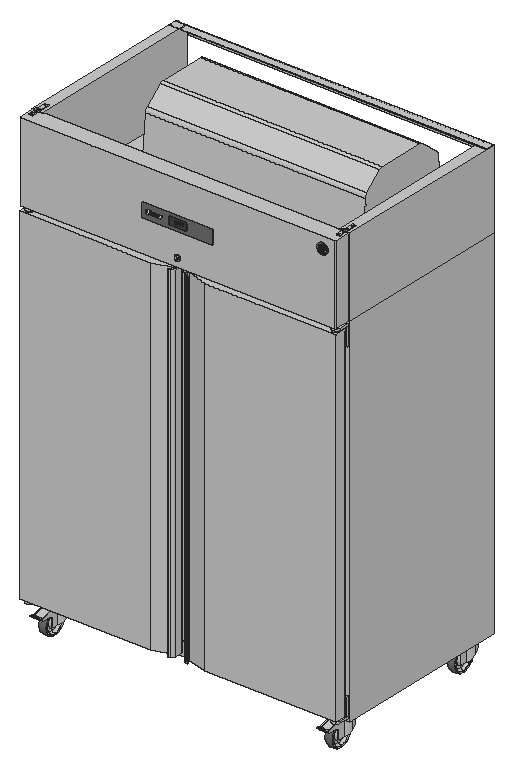
Revit family "QF_HOSHIZAKI_123142070", category Specialty Equipment, Revit 2016
Family settings
  Part Type = Normal
  Round Connector Dimension = Use Diameter
  OmniClass Number = 23.40.40.14
  OmniClass Title = Food Service Equipment
  Work Plane-Based = No
  Always vertical = Yes
  Cut with Voids When Loaded = No
  Shared = No
  Room Calculation Point = No
Parameters (values of type "123142070_230V/1Ph/50Hz")
  Weight = 183.00 kg
  Volts = 230 V
  URL Cutsheet = ""
  URL = "www.hoshizaki-europe.com"
  Status [instance] = ""
  Specification by User [instance] = ""
  Specification by Manufacturer [instance] = ""
  Serial Number = ""
  Seismic Rating = ""
  SMACNA No = ""
  Revision Code [instance] = ""
  Phase = 1
  Number of Poles = 2
  NAFEM Spec ID Number = ""
  Model = "ADVANCE F 140-3 C"
  Min Ckt Ampacity = 0 A
  Max Overcurrent Protection = 0 A
  Masterspec = ""
  Manufacturer = "HOSHIZAKI"
  Length Actual = 1344 mm
  Item Number [instance] = ""
  Installed By [instance] = ""
  Identify Quantity as Lot [instance] = no
  Height Actual = 2000 mm
  HP power = ""
  Furnished By [instance] = ""
  Foodservice Equipment Identifier [instance] = yes
  FL Amps = 46.08 A
  Electric power = 10600 W
  Electric Connection Type [instance] = ""
  Elec Conn RI Height [instance] = 0 mm
  Elec Conn Connection Height [instance] = 1550 mm
  Description = "ADVANCE DOUBLE DOOR FREEZER, 2/1 DEEP, AISI304 STAINLESS STEEL EXTERIOR AND INTERIOR, HC NATURAL REFRIGERANT, CASTORS"
  Depth Actual = 830 mm
  Cycle = 50 Hz
  Cost = 0
  Conn Plug = ""
  Conn Conduit = no
  CSI MasterFormat = ""
  Assembly Code = "E1090320"
  Apparent Power = 10600 VA
  Accessory = no
Reference planes
  plane 1 "Center (Front/Back)": y = 0
  plane 2: z = 0
  plane 3 "Center (Left/Right)": x = 0
Forms (mm)
  Extrusion 1, solid, not visible
    sketch origin (1314, -2, 1674) x (1, 0, 0) y (0, 1, 0)
      loop
        line (0, 0) -> (2, 0) -> (2, 2) -> (0, 2) -> (0, 0)
    from 0 to 2
Dimensions and locks
  aligned and locked: level to plane 2
Nested families
  nested 1: "QF_HOSHIZAKI_123142070_230V_1Ph_50Hz" at (0, 0, 125), type "123142070_230V/1Ph/50Hz"
    with Show Logo yes, Show Clearance yes
  nested 2: "QF_HOSHIZAKI_PRE_ADV_CASTORS" at (0, 0, 0), type "760660022-1344X830"
Connectors
  electrical at (1315, 0, 1675), driven by "Apparent Power", driven by "Number of Poles", driven by "Volts"
    settings: on Extrusion 1, index 1, voltage 230 V, apparent load 0 VA, apparent load phase1 10600 VA, apparent load phase2 0 VA, apparent load phase3 0 VA, power factor 1, load classification "Other", number of poles 2, system type 31, power factor state 1, is connector primary yes, connector utility no, sub classification motor no, connector description "Electric connection for '123142070'"
Definition of nested family "QF_HOSHIZAKI_123142070_230V_1Ph_50Hz"
  Parameters (values of type "123142070_230V/1Ph/50Hz")
    URL = "www.hoshizaki-europe.com"
    Show Logo [instance] = yes
    Show Clearance [instance] = yes
    Model = "ADVANCE F 140-3 C"
    Manufacturer = "HOSHIZAKI"
    Description = "ADVANCE DOUBLE DOOR FREEZER, 2/1 DEEP, AISI 403 STAINLESS STEEL EXTERIOR AND INTERIOR, HC NATURAL REFRIGERANT, CASTORS"
    Assembly Code = "E1090320"
  Types (6, lengths in mm): name | Model | Description
    131141070 | "ADVANCE K 140-4 L" | "ADVANCE DOUBLE DOOR REFRIGERATOR, 2/1 GN DEEP, AISI 304 STAINLESS STEEL EXTERIOR AND INTERIOR, HC NATURAL REFRIGERANT, LEGS"
    133141070 | "ADVANCE F 140-4 L" | "ADVANCE DOUBLE DOOR FREEZER, 2/1 DEEP, AISI 304 STAINLESS STEEL EXTERIOR AND INTERIOR, HC NATURAL REFRIGERANT, LEGS"
    123142070_230V/1Ph/50Hz | "ADVANCE F 140-3 C" | "ADVANCE DOUBLE DOOR FREEZER, 2/1 DEEP, AISI 403 STAINLESS STEEL EXTERIOR AND INTERIOR, HC NATURAL REFRIGERANT, CASTORS"
    131142090 | "ADVANCE K 140-4 C U" | "ADVANCE DOUBLE DOOR REFRIGERATOR, 2/1 GN DEEP, AISI 304 STAINLESS STEEL EXTERIOR AND INTERIOR, HC NATURAL REFRIGERANT, CASTORS"
    133142090 | "ADVANCE F 140-4 C U" | "ADVANCE DOUBLE DOOR FREEZER, 2/1 DEEP, AISI 304 STAINLESS STEEL EXTERIOR AND INTERIOR, HC NATURAL REFRIGERANT, CASTORS"
    12142070 | "ADVANCE K 140-3 C" | "ADVANCE DOUBLE DOOR REFRIGERATOR, 2/1 GN DEEP, AISI 403 STAINLESS STEEL EXTERIOR AND INTERIOR, HC NATURAL REFRIGERANT, CASTORS"
  Reference planes
    plane 1 "Back": y = 0
    plane 2: z = 0
    plane 3 "Left": x = 0
    plane 4 "Right": x = 1344
    plane 5 "Front": y = -830.03
    plane 6 "Top": z = 1850
  Forms (mm)
    Extrusion 1, solid
      sketch origin (653.43, 17.68, 1850) x (1, 0, 0) y (0, 1, 0)
        loop
          line (675.57, -773.038) -> (675.57, -726.21) -> (660.57, -726.21) -> (660.57, -773.038) -> (675.57, -773.038)
        loop
          circle (668.07, -734.247) r 1.711
        loop
          circle (668.07, -765.001) r 1.711
      from 0 to 2
    Extrusion 2, solid
      sketch origin (653.43, -41.179, 1850) x (1, 0, 0) y (0, 1, 0)
        loop
          line (675.57, -752.351) -> (675.57, -720.851) -> (660.57, -720.851) -> (660.57, -752.351) -> (675.57, -752.351)
        loop
          circle (668.07, -727.851) r 1.711
        loop
          circle (668.07, -745.351) r 1.711
      from 0 to 2
    Extrusion 3, solid
      sketch origin (1314, 17.68, -100.1) x (0, 1, 0) y (0, 0, 1)
        loop
          arc (-776.21, 1952.1) -> (-777.016, 1954.865) -> (-774.851, 1952.966) r 1.5
          line (-774.851, 1952.966) -> (-772.968, 1952.281)
          arc (-772.968, 1952.281) -> (-778.164, 1956.504) -> (-776.21, 1950.1) r 3.5
          line (-776.21, 1950.1) -> (-773.038, 1950.1) -> (-773.038, 1952.1) -> (-776.21, 1952.1)
      from 0 to 15
    Extrusion 4, solid
      sketch origin (-645.57, 17.68, 1850) x (1, 0, 0) y (0, 1, 0)
        loop
          line (675.57, -773.038) -> (675.57, -726.21) -> (660.57, -726.21) -> (660.57, -773.038) -> (675.57, -773.038)
        loop
          circle (668.07, -734.247) r 1.711
        loop
          circle (668.07, -765.001) r 1.711
      from 0 to 2
    Extrusion 5, solid
      sketch origin (-645.57, -41.179, 1850) x (1, 0, 0) y (0, 1, 0)
        loop
          line (675.57, -752.351) -> (675.57, -720.851) -> (660.57, -720.851) -> (660.57, -752.351) -> (675.57, -752.351)
        loop
          circle (668.07, -727.851) r 1.711
        loop
          circle (668.07, -745.351) r 1.711
      from 0 to 2
    Extrusion 6, solid
      sketch origin (15, 17.68, -100.1) x (0, 1, 0) y (0, 0, 1)
        loop
          arc (-776.21, 1952.1) -> (-777.016, 1954.865) -> (-774.851, 1952.966) r 1.5
          line (-774.851, 1952.966) -> (-772.968, 1952.281)
          arc (-772.968, 1952.281) -> (-778.164, 1956.504) -> (-776.21, 1950.1) r 3.5
          line (-776.21, 1950.1) -> (-773.038, 1950.1) -> (-773.038, 1952.1) -> (-776.21, 1952.1)
      from 0 to 15
    Extrusion 7, solid
      sketch origin (0, 0, -100) x (0, 1, 0) y (0, 0, 1)
        loop
          line (-760.03, 1617.5) -> (0, 1617.5) -> (0, 1948.5)
          arc (0, 1948.5) -> (-0.439, 1949.561) -> (-1.5, 1950) r 1.5
          line (-1.5, 1950) -> (-759.38, 1950)
          arc (-759.38, 1950) -> (-759.84, 1949.81) -> (-760.03, 1949.35) r 0.65
          line (-760.03, 1949.35) -> (-760.03, 1617.5)
      from 0 to 45
    Extrusion 8, solid
      sketch origin (1299, 0, -100) x (0, 1, 0) y (0, 0, 1)
        loop
          line (-760.03, 1617.5) -> (0, 1617.5) -> (0, 1948.5)
          arc (0, 1948.5) -> (-0.439, 1949.561) -> (-1.5, 1950) r 1.5
          line (-1.5, 1950) -> (-759.38, 1950)
          arc (-759.38, 1950) -> (-759.84, 1949.81) -> (-760.03, 1949.35) r 0.65
          line (-760.03, 1949.35) -> (-760.03, 1617.5)
      from 0 to 45
    Extrusion 9, solid
      sketch origin (0, 1.5, -100.1) x (0, 1, 0) y (0, 0, 1)
        loop
          line (-1.51, 1951.6) -> (-38.51, 1951.6) -> (-38.51, 1950.1) -> (-3, 1950.1)
          arc (-3, 1950.1) -> (-1.939, 1949.661) -> (-1.5, 1948.6) r 1.5
          line (-1.5, 1948.6) -> (-1.5, 1914.7) -> (0, 1914.7) -> (0, 1950.09)
          arc (0, 1950.09) -> (-0.442, 1951.158) -> (-1.51, 1951.6) r 1.51
      from 1.06 to 1343.06
    Extrusion 10, solid
      sketch origin (0, 17.57, 1849.9) x (1, 0, 0) y (0, 1, 0)
        loop
          line (4.5, -778.8) -> (4.5, -842.7)
          arc (4.5, -842.7) -> (5.935, -846.165) -> (9.4, -847.6) r 4.9
          line (9.4, -847.6) -> (1334.6, -847.6)
          arc (1334.6, -847.6) -> (1338.065, -846.165) -> (1339.5, -842.7) r 4.9
          line (1339.5, -842.7) -> (1339.5, -778.8)
          arc (1339.5, -778.8) -> (1339.149, -777.951) -> (1338.3, -777.6) r 1.2
          line (1338.3, -777.6) -> (5.7, -777.6)
          arc (5.7, -777.6) -> (4.851, -777.951) -> (4.5, -778.8) r 1.2
      from -332.4 to 0.1
    Extrusion 11, solid
      sketch origin (0, 0, -100) x (1, 0, 0) y (0, 0, 1)
        loop
          line (45, 1638.52) -> (45, 1617.5) -> (1299, 1617.5) -> (1299, 1638.52) -> (45, 1638.52)
      from 0 to 760.03
    Extrusion 12, solid
      sketch origin (0, 0, 0) x (1, 0, 0) y (0, 0, 1)
        loop
          line (0, 1517.5) -> (0, 0) -> (1344, 0) -> (1344, 1517.5) -> (0, 1517.5)
        loop
          line (60, 1457.5) -> (60, 60) -> (1284, 60) -> (1284, 1457.5) -> (60, 1457.5)
      from 0 to 760.03
    Extrusion 13, solid
      sketch origin (0, 0, 0) x (1, 0, 0) y (0, 0, 1)
        loop
          line (60, 60) -> (1284, 60) -> (1284, 1457.5) -> (60, 1457.5) -> (60, 60)
      from 0 to 45
    Extrusion 14, solid
      sketch origin (0, -660.03, 0) x (1, 0, 0) y (0, 0, 1)
        loop
          line (630, 1457.5) -> (630, 60) -> (714, 60) -> (714, 1457.5) -> (630, 1457.5)
      from 0 to 100
    Extrusion 15, solid
      sketch origin (672, -795.027, 27.1) x (-1, 0, 0) y (0, 0, -1)
        loop
          line (637.933, -1453.343) -> (637.933, -14.657) -> (53.047, -14.657) -> (53.047, -1453.343) -> (637.933, -1453.343)
        loop
          line (73.047, -1433.343) -> (617.933, -1433.343) -> (617.933, -34.657) -> (73.047, -34.657) -> (73.047, -1433.343)
      from -34.997 to -15.007
    Extrusion 16, solid
      sketch origin (686.75, -756.398, 1495.1) x (-1, 0, 0) y (0, -1, 0)
        loop
          line (646.35, 3.632) -> (678.35, 3.632) -> (678.35, 45.629)
          arc (678.35, 45.629) -> (662.35, 61.629) -> (646.35, 45.629) r 16
          line (646.35, 45.629) -> (646.35, 3.632)
        loop
          circle (662.35, 45.629) r 5
      from 2.9 to 9.9
    Extrusion 17, solid
      sketch origin (686.75, -757.401, -74.9) x (0, 1, 0) y (0, 0, -1)
        loop
          line (-9.129, -1500.199) -> (-9.129, -1572.9) -> (-2.629, -1572.9) -> (-2.629, -1493.9) -> (-4.629, -1493.9) -> (-9.129, -1500.199)
      from 646.35 to 678.35
    Extrusion 18, solid
      sketch origin (686.75, -756.398, 1495.1) x (-1, 0, 0) y (0, -1, 0)
        loop
          circle (662.35, 45.629) r 16
      from 0 to 2.9
    Extrusion 19, solid
      sketch origin (686.75, -756.398, 1495.1) x (-1, 0, 0) y (0, -1, 0)
        loop
          circle (662.35, 45.629) r 5
      from 0 to 9.9
    Extrusion 20, solid
      sketch origin (686.75, -756.398, 25.1) x (-1, 0, 0) y (0, -1, 0)
        loop
          line (602.25, 32.879) -> (677.25, 32.879) -> (677.25, 58.379) -> (602.25, 58.379) -> (602.25, 32.879)
        loop
          circle (636.875, 45.629) r 5
        loop
          circle (611.525, 45.629) r 5
      from 0 to 2
    Extrusion 21, solid
      sketch origin (686.75, -756.398, 7.1) x (0, 1, 0) y (-1, 0, 0)
        loop
          line (-3.632, 646.35) -> (-3.632, 678.35) -> (-45.629, 678.35)
          arc (-45.629, 678.35) -> (-61.629, 662.35) -> (-45.629, 646.35) r 16
          line (-45.629, 646.35) -> (-3.632, 646.35)
        loop
          circle (-45.629, 662.35) r 5
      from 2.9 to 9.9
    Extrusion 22, solid
      sketch origin (686.75, -757.401, 1589.9) x (0, 1, 0) y (0, 0, -1)
        loop
          line (-9.129, 1500.199) -> (-4.629, 1493.9) -> (-2.629, 1493.9) -> (-2.629, 1572.9) -> (-9.129, 1572.9) -> (-9.129, 1500.199)
      from 646.35 to 678.35
    Extrusion 23, solid
      sketch origin (686.75, -756.398, 9) x (0, 1, 0) y (-1, 0, 0)
        loop
          circle (-45.629, 662.35) r 5
      from 0 to 16.1
    Extrusion 24, solid
      sketch origin (774.882, -873.184, 27.1) x (-1, 0, 0) y (0, -1, 0)
        loop
          arc (769.772, -93.164) -> (770.203, -92.985) -> (770.382, -92.554) r 0.61
          line (770.382, -92.554) -> (770.382, -43.764)
          arc (770.382, -43.764) -> (770.203, -43.333) -> (769.772, -43.154) r 0.61
          line (769.772, -43.154) -> (216.079, -43.154) -> (127.057, -70.711) -> (127.057, -60.1)
          arc (127.057, -60.1) -> (129.536, -52.667) -> (135.929, -48.138) r 12.598
          line (135.929, -48.138) -> (143.363, -45.837)
          arc (143.363, -45.837) -> (143.923, -44.774) -> (142.86, -44.213) r 0.85
          line (142.86, -44.213) -> (135.209, -46.581)
          arc (135.209, -46.581) -> (128.081, -51.647) -> (125.349, -59.955) r 14
          line (125.349, -59.955) -> (125.349, -92.354)
          arc (125.349, -92.354) -> (125.586, -92.927) -> (126.159, -93.164) r 0.81
          line (126.159, -93.164) -> (769.772, -93.164)
      from 0 to 1468
    Extrusion 25, solid
      sketch origin (672, -795.027, 27.1) x (1, 0, 0) y (0, 0, 1)
        loop
          line (637.933, 1453.343) -> (53.047, 1453.343) -> (53.047, 14.657) -> (637.933, 14.657) -> (637.933, 1453.343)
        loop
          line (73.047, 1433.343) -> (73.047, 34.657) -> (617.933, 34.657) -> (617.933, 1433.343) -> (73.047, 1433.343)
      from -34.997 to -15.007
    Extrusion 26, solid
      sketch origin (657.25, -756.398, 1495.1) x (1, 0, 0) y (0, 1, 0)
        loop
          line (646.35, -3.632) -> (646.35, -45.629)
          arc (646.35, -45.629) -> (662.35, -61.629) -> (678.35, -45.629) r 16
          line (678.35, -45.629) -> (678.35, -3.632) -> (646.35, -3.632)
        loop
          circle (662.35, -45.629) r 5
      from 2.9 to 9.9
    Extrusion 27, solid
      sketch origin (657.25, -757.401, -74.9) x (0, 1, 0) y (0, 0, 1)
        loop
          line (-9.129, 1500.199) -> (-4.629, 1493.9) -> (-2.629, 1493.9) -> (-2.629, 1572.9) -> (-9.129, 1572.9) -> (-9.129, 1500.199)
      from 646.35 to 678.35
    Extrusion 28, solid
      sketch origin (657.25, -756.398, 1495.1) x (1, 0, 0) y (0, 1, 0)
        loop
          circle (662.35, -45.629) r 16
      from 0 to 2.9
    Extrusion 29, solid
      sketch origin (657.25, -756.398, 1495.1) x (1, 0, 0) y (0, 1, 0)
        loop
          circle (662.35, -45.629) r 5
      from 0 to 9.9
    Extrusion 30, solid
      sketch origin (657.25, -756.398, 25.1) x (1, 0, 0) y (0, 1, 0)
        loop
          line (602.25, -32.879) -> (602.25, -58.379) -> (677.25, -58.379) -> (677.25, -32.879) -> (602.25, -32.879)
        loop
          circle (636.875, -45.629) r 5
        loop
          circle (611.525, -45.629) r 5
      from 0 to 2
    Extrusion 31, solid
      sketch origin (657.25, -756.398, 7.1) x (0, -1, 0) y (1, 0, 0)
        loop
          line (3.632, 646.35) -> (45.629, 646.35)
          arc (45.629, 646.35) -> (61.629, 662.35) -> (45.629, 678.35) r 16
          line (45.629, 678.35) -> (3.632, 678.35) -> (3.632, 646.35)
        loop
          circle (45.629, 662.35) r 5
      from 2.9 to 9.9
    Extrusion 32, solid
      sketch origin (657.25, -757.401, 1589.9) x (0, 1, 0) y (0, 0, 1)
        loop
          line (-9.129, -1500.199) -> (-9.129, -1572.9) -> (-2.629, -1572.9) -> (-2.629, -1493.9) -> (-4.629, -1493.9) -> (-9.129, -1500.199)
      from 646.35 to 678.35
    Extrusion 33, solid
      sketch origin (657.25, -756.398, 9) x (0, -1, 0) y (1, 0, 0)
        loop
          circle (45.629, 662.35) r 5
      from 0 to 16.1
    Extrusion 34, solid
      sketch origin (569.118, -873.184, 27.1) x (1, 0, 0) y (0, 1, 0)
        loop
          line (769.772, 93.164) -> (126.159, 93.164)
          arc (126.159, 93.164) -> (125.586, 92.927) -> (125.349, 92.354) r 0.81
          line (125.349, 92.354) -> (125.349, 59.955)
          arc (125.349, 59.955) -> (128.081, 51.647) -> (135.209, 46.581) r 14
          line (135.209, 46.581) -> (142.86, 44.213)
          arc (142.86, 44.213) -> (143.923, 44.774) -> (143.363, 45.837) r 0.85
          line (143.363, 45.837) -> (135.929, 48.138)
          arc (135.929, 48.138) -> (129.536, 52.667) -> (127.057, 60.1) r 12.598
          line (127.057, 60.1) -> (127.057, 70.711) -> (216.079, 43.154) -> (769.772, 43.154)
          arc (769.772, 43.154) -> (770.203, 43.333) -> (770.382, 43.764) r 0.61
          line (770.382, 43.764) -> (770.382, 92.554)
          arc (770.382, 92.554) -> (770.203, 92.985) -> (769.772, 93.164) r 0.61
      from 0 to 1468
    Extrusion 35, solid
      sketch origin (-12.78, 0, -100) x (0, 1, 0) y (0, 0, 1)
        loop
          arc (-113.281, 1932.651) -> (-120.8, 1936.992) -> (-129.35, 1938.5) r 25
          line (-129.35, 1938.5) -> (-324.65, 1938.5)
          arc (-324.65, 1938.5) -> (-333.2, 1936.992) -> (-340.719, 1932.651) r 25
          line (-340.719, 1932.651) -> (-408.922, 1875.423)
          arc (-408.922, 1875.423) -> (-415.027, 1867.815) -> (-417.757, 1858.45) r 25
          line (-417.757, 1858.45) -> (-436.998, 1638.52) -> (-17.002, 1638.52) -> (-36.243, 1858.45)
          arc (-36.243, 1858.45) -> (-38.973, 1867.815) -> (-45.078, 1875.423) r 25
          line (-45.078, 1875.423) -> (-113.281, 1932.651)
      from 219.97 to 1149.59
    Extrusion 36, solid, visible <- "Show Logo"
      sketch origin (1743.884, -828.53, -60.1) x (-1, 0, 0) y (0, 0, -1)
        loop
          circle (459.884, -1862.5) r 13.99
      from 0 to 2.5
    Extrusion 37, solid, visible <- "Show Logo"
      sketch origin (1743.884, -829.03, -60.1) x (-1, 0, 0) y (0, 0, -1)
        loop
          circle (459.884, -1862.5) r 15
        loop
          arc (446.884, -1862.5) -> (460.705, -1875.474) -> (472.781, -1860.863) r 13
          line (472.781, -1860.863) -> (470.355, -1858.437) -> (469.346, -1862.201) -> (466.355, -1863.928) -> (465.024, -1865.26) -> (463.375, -1865.26) -> (462.04, -1870.241) -> (457.755, -1870.241) -> (459.339, -1867.979) -> (460.402, -1864.014) -> (461.224, -1860.945) -> (462.416, -1856.497) -> (461.216, -1855.297) -> (459.433, -1857.843) -> (455.784, -1851.523) -> (460.361, -1851.523) -> (461.471, -1853.446) -> (469.213, -1853.446)
          arc (469.213, -1853.446) -> (460.394, -1849.51) -> (451.293, -1852.743) r 13
          line (451.293, -1852.743) -> (455.577, -1853.891) -> (453.752, -1856.497) -> (455.349, -1856.497) -> (454.477, -1866.459) -> (452.538, -1866.459) -> (446.884, -1862.5)
        loop
          line (447.853, -1857.467) -> (452.313, -1861.926) -> (450.144, -1853.891)
          arc (450.144, -1853.891) -> (448.878, -1855.602) -> (447.853, -1857.467) r 15.828
        loop
          line (463.583, -1862.877) -> (466.64, -1862.399) -> (464.901, -1861.285) -> (463.583, -1857.664) -> (463.583, -1862.877)
        loop
          line (464.827, -1855.979) -> (468.296, -1856.908) -> (469.573, -1854.916) -> (468.881, -1854.224) -> (467.914, -1855.035) -> (464.827, -1855.979)
        loop
          line (462.609, -1872.307) -> (462.609, -1874.009) -> (464.927, -1873.388) -> (462.609, -1872.307)
        loop
          line (460.361, -1874.662) -> (459.594, -1873.335) -> (460.801, -1872.638) -> (459.186, -1872.205) -> (458.298, -1874.11) -> (460.361, -1874.662)
        loop
          line (459.623, -1846.783) -> (460.706, -1845.701) -> (462.247, -1845.701) -> (461.191, -1844.645) -> (461.503, -1842.874) -> (459.623, -1843.959) -> (457.743, -1842.874) -> (458.055, -1844.645) -> (456.999, -1845.701) -> (458.54, -1845.701) -> (459.623, -1846.783)
        loop
          line (446.86, -1853.7) -> (446.594, -1852.191) -> (447.478, -1850.929) -> (446.007, -1851.188) -> (444.736, -1849.917) -> (444.547, -1852.08) -> (442.579, -1852.997) -> (444.209, -1853.757) -> (444.468, -1855.228) -> (445.352, -1853.965) -> (446.86, -1853.7)
        loop
          line (452.395, -1848.68) -> (452.856, -1847.219) -> (454.223, -1846.508) -> (452.799, -1846.059) -> (452.258, -1844.344) -> (451.091, -1846.175) -> (448.922, -1846.08) -> (450.017, -1847.507) -> (449.568, -1848.931) -> (450.935, -1848.219) -> (452.395, -1848.68)
        loop
          line (472.909, -1853.7) -> (474.417, -1853.965) -> (475.301, -1855.228) -> (475.56, -1853.757) -> (477.19, -1852.997) -> (475.222, -1852.08) -> (475.033, -1849.917) -> (473.761, -1851.188) -> (472.291, -1850.929) -> (473.175, -1852.191) -> (472.909, -1853.7)
        loop
          line (467.374, -1848.68) -> (468.834, -1848.219) -> (470.201, -1848.931) -> (469.752, -1847.507) -> (470.847, -1846.08) -> (468.678, -1846.175) -> (467.511, -1844.344) -> (466.97, -1846.059) -> (465.546, -1846.508) -> (466.913, -1847.219) -> (467.374, -1848.68)
      from 0 to 2.5
    Extrusion 38, solid, visible <- "Show Logo"
      sketch origin (1743.884, -829.03, -60.1) x (-1, 0, 0) y (0, 0, -1)
        loop
          line (462.609, -1874.009) -> (462.609, -1872.307) -> (462.085, -1870.241) -> (457.755, -1870.241) -> (459.339, -1867.979) -> (462.416, -1856.497) -> (461.216, -1855.297) -> (459.433, -1857.843) -> (455.808, -1851.565) -> (453.948, -1851.565) -> (455.577, -1853.891) -> (454.477, -1866.459) -> (456.345, -1871.339)
          arc (456.345, -1871.339) -> (456.868, -1874.025) -> (459.213, -1875.435) r 3.366
          arc (459.213, -1875.435) -> (460.198, -1875.496) -> (461.183, -1875.435) r 8.046
          line (461.183, -1875.435) -> (462.609, -1874.009)
        loop
          line (456.854, -1851.523) -> (460.361, -1851.523) -> (460.916, -1852.485) -> (462.702, -1852.485) -> (463.779, -1851.407) -> (460.623, -1851.407) -> (461.563, -1850.468) -> (456.245, -1850.468) -> (456.854, -1851.523)
        loop
          line (460.361, -1874.662) -> (459.594, -1873.335) -> (460.801, -1872.638) -> (459.186, -1872.205) -> (458.298, -1874.11) -> (460.361, -1874.662)
      from 0 to 2.5
    Extrusion 39, solid, visible <- "Show Logo"
      sketch origin (1729.5, -828.53, 1238.8) x (-1, 0, 0) y (0, 0, -1)
        loop
          circle (445.5, -563.6) r 22.5
      from 0 to 2
    Extrusion 40, solid
      sketch origin (964.076, -828.53, -100.11) x (1, 0, 0) y (0, 0, 1)
        loop
          arc (-147.076, 1752.13) -> (-143.541, 1753.594) -> (-142.076, 1757.13) r 5
          line (-142.076, 1757.13) -> (-142.076, 1807.13)
          arc (-142.076, 1807.13) -> (-143.541, 1810.666) -> (-147.076, 1812.13) r 5
          line (-147.076, 1812.13) -> (-437.076, 1812.13)
          arc (-437.076, 1812.13) -> (-440.612, 1810.666) -> (-442.076, 1807.13) r 5
          line (-442.076, 1807.13) -> (-442.076, 1757.13)
          arc (-442.076, 1757.13) -> (-440.612, 1753.594) -> (-437.076, 1752.13) r 5
          line (-437.076, 1752.13) -> (-147.076, 1752.13)
        loop
          line (-329.576, 1792.63) -> (-329.576, 1771.63)
          arc (-329.576, 1771.63) -> (-327.819, 1767.387) -> (-323.576, 1765.63) r 6
          line (-323.576, 1765.63) -> (-260.576, 1765.63)
          arc (-260.576, 1765.63) -> (-256.334, 1767.387) -> (-254.576, 1771.63) r 6
          line (-254.576, 1771.63) -> (-254.576, 1792.63)
          arc (-254.576, 1792.63) -> (-256.334, 1796.873) -> (-260.576, 1798.63) r 6
          line (-260.576, 1798.63) -> (-323.576, 1798.63)
          arc (-323.576, 1798.63) -> (-327.819, 1796.873) -> (-329.576, 1792.63) r 6
      from 0 to 2
    Extrusion 41, solid
      sketch origin (964.076, -828.53, -100.11) x (1, 0, 0) y (0, 0, 1)
        loop
          arc (-323.576, 1798.63) -> (-327.819, 1796.873) -> (-329.576, 1792.63) r 6
          line (-329.576, 1792.63) -> (-329.576, 1771.63)
          arc (-329.576, 1771.63) -> (-327.819, 1767.387) -> (-323.576, 1765.63) r 6
          line (-323.576, 1765.63) -> (-260.576, 1765.63)
          arc (-260.576, 1765.63) -> (-256.334, 1767.387) -> (-254.576, 1771.63) r 6
          line (-254.576, 1771.63) -> (-254.576, 1792.63)
          arc (-254.576, 1792.63) -> (-256.334, 1796.873) -> (-260.576, 1798.63) r 6
          line (-260.576, 1798.63) -> (-323.576, 1798.63)
      from 0 to 2
    Extrusion 42, solid
      sketch origin (964.076, -829.03, -100.11) x (1, 0, 0) y (0, 0, 1)
        loop
          line (-298.911, 1787.691) -> (-298.115, 1788.439) -> (-298.929, 1789.206) -> (-304.501, 1789.206) -> (-305.3, 1788.422) -> (-304.534, 1787.691) -> (-298.911, 1787.691)
        loop
          line (-296.938, 1787.449) -> (-297.831, 1788.111) -> (-298.725, 1787.449) -> (-298.725, 1783.432) -> (-297.831, 1782.769) -> (-296.938, 1783.432) -> (-296.938, 1787.449)
        loop
          line (-298.911, 1777.181) -> (-304.534, 1777.181) -> (-305.3, 1776.45) -> (-304.501, 1775.666) -> (-298.929, 1775.666) -> (-298.115, 1776.432) -> (-298.911, 1777.181)
        loop
          line (-296.938, 1777.423) -> (-296.938, 1781.44) -> (-297.831, 1782.103) -> (-298.725, 1781.44) -> (-298.725, 1777.423) -> (-297.831, 1776.761) -> (-296.938, 1777.423)
        loop
          line (-298.911, 1783.189) -> (-304.534, 1783.189) -> (-305.3, 1782.459) -> (-304.501, 1781.675) -> (-298.929, 1781.675) -> (-298.115, 1782.441) -> (-298.911, 1783.189)
        loop
          line (-270.911, 1787.691) -> (-270.115, 1788.439) -> (-270.929, 1789.206) -> (-276.501, 1789.206) -> (-277.3, 1788.422) -> (-276.534, 1787.691) -> (-270.911, 1787.691)
        loop
          line (-268.938, 1787.449) -> (-269.831, 1788.111) -> (-270.725, 1787.449) -> (-270.725, 1783.432) -> (-269.831, 1782.769) -> (-268.938, 1783.432) -> (-268.938, 1787.449)
        loop
          line (-268.938, 1777.423) -> (-268.938, 1781.44) -> (-269.831, 1782.103) -> (-270.725, 1781.44) -> (-270.725, 1777.423) -> (-269.831, 1776.761) -> (-268.938, 1777.423)
        loop
          line (-294.968, 1776.333) -> (-293.829, 1775.386) -> (-292.676, 1776.348) -> (-293.829, 1777.28) -> (-294.968, 1776.333)
        loop
          line (-282.911, 1777.226) -> (-288.534, 1777.226) -> (-289.3, 1776.496) -> (-288.501, 1775.712) -> (-282.929, 1775.712) -> (-282.115, 1776.478) -> (-282.911, 1777.226)
        loop
          line (-280.938, 1777.469) -> (-280.938, 1781.486) -> (-281.831, 1782.148) -> (-282.725, 1781.486) -> (-282.725, 1777.469) -> (-281.831, 1776.806) -> (-280.938, 1777.469)
        loop
          line (-282.911, 1787.737) -> (-282.115, 1788.485) -> (-282.929, 1789.251) -> (-288.501, 1789.251) -> (-289.3, 1788.467) -> (-288.534, 1787.737) -> (-282.911, 1787.737)
        loop
          line (-280.938, 1787.494) -> (-281.831, 1788.157) -> (-282.725, 1787.494) -> (-282.725, 1783.477) -> (-281.831, 1782.815) -> (-280.938, 1783.477) -> (-280.938, 1787.494)
        loop
          line (-282.911, 1781.728) -> (-282.115, 1782.476) -> (-282.929, 1783.243) -> (-288.501, 1783.243) -> (-289.3, 1782.459) -> (-288.534, 1781.728) -> (-282.911, 1781.728)
        loop
          line (-290.492, 1787.494) -> (-290.492, 1783.477) -> (-289.599, 1782.815) -> (-288.705, 1783.477) -> (-288.705, 1787.494) -> (-289.599, 1788.157) -> (-290.492, 1787.494)
      from 0 to 2
    Revolve 43, solid
      sketch origin (672, 917.57, -100.11) x (0, 1, 0) y (0, 0, 1)
        loop
          line (-1752.6, 1652.1) -> (-1747.6, 1652.1) -> (-1747.6, 1662.634)
          arc (-1747.6, 1662.634) -> (-1748.329, 1663.731) -> (-1749.631, 1663.534) r 1.226
          line (-1749.631, 1663.534) -> (-1752.6, 1660.565) -> (-1752.6, 1652.1)
        axis (-1747.6, 1652.1) -> (-1752.6, 1652.1)
      angle from 0 to 360
    Extrusion 44, void
      sketch origin (-473.06, -833.53, -101.61) x (1, 0, 0) y (0, 0, 1)
        loop
          line (1143.96, 1657.815) -> (1143.96, 1649.385) -> (1146.16, 1649.385) -> (1146.16, 1657.815) -> (1143.96, 1657.815)
      from -1.469 to 2
    Extrusion 45, solid, visible <- "Show Logo"
      sketch origin (1132.623, -829.03, -98.186) x (1, 0, 0) y (0, 0, 1)
        loop
          line (-574.302, 1788.729) -> (-583.131, 1788.729)
          arc (-583.131, 1788.729) -> (-589.303, 1787.599) -> (-594.673, 1784.355) r 17.416
          arc (-594.673, 1784.355) -> (-596.462, 1781.094) -> (-595.769, 1777.439) r 5.506
          arc (-595.769, 1777.439) -> (-593.146, 1774.866) -> (-589.587, 1773.956) r 7.07
          line (-589.587, 1773.956) -> (-587.25, 1773.956) -> (-588.248, 1771.34) -> (-581.613, 1771.34) -> (-580.432, 1773.956) -> (-571.398, 1773.956) -> (-569.064, 1779.592) -> (-566.746, 1773.956) -> (-559.715, 1773.956) -> (-557.728, 1776.29) -> (-552.838, 1776.29) -> (-551.953, 1773.956) -> (-545.563, 1773.956) -> (-543.121, 1779.778) -> (-540.707, 1773.914) -> (-533.897, 1779.586) -> (-536.239, 1773.956) -> (-530.603, 1773.956) -> (-526.429, 1784.233) -> (-531.941, 1784.233) -> (-537.329, 1779.747) -> (-539.135, 1784.233) -> (-544.054, 1784.233) -> (-547.268, 1776.58) -> (-550.408, 1784.233) -> (-554.271, 1784.233) -> (-561.118, 1776.477) -> (-561.995, 1776.477) -> (-562.958, 1778.877)
          arc (-562.958, 1778.877) -> (-561.217, 1779.568) -> (-560.011, 1781.001) r 3.84
          arc (-560.011, 1781.001) -> (-560.124, 1783.171) -> (-562.025, 1784.225) r 2.241
          line (-562.025, 1784.225) -> (-573.005, 1784.225) -> (-576.227, 1776.507) -> (-579.37, 1776.507) -> (-576.183, 1784.227) -> (-585.103, 1784.227) -> (-586.099, 1781.742) -> (-583.981, 1781.742) -> (-586.194, 1776.345)
          arc (-586.194, 1776.345) -> (-588.764, 1776.925) -> (-590.188, 1779.141) r 3.476
          arc (-590.188, 1779.141) -> (-590.046, 1780.636) -> (-589.587, 1782.064) r 6.962
          arc (-589.587, 1782.064) -> (-587.018, 1785.071) -> (-583.227, 1786.194) r 6.962
          line (-583.227, 1786.194) -> (-575.446, 1786.194) -> (-574.302, 1788.729)
        loop
          line (-568.201, 1781.677) -> (-568.99, 1779.771) -> (-567.006, 1779.771)
          arc (-567.006, 1779.771) -> (-565.95, 1780.209) -> (-565.513, 1781.264) r 1.493
          arc (-565.513, 1781.264) -> (-565.795, 1781.565) -> (-566.192, 1781.677) r 0.765
          line (-566.192, 1781.677) -> (-568.201, 1781.677)
        loop
          line (-554.482, 1780.63) -> (-556.797, 1778.007) -> (-553.488, 1778.007) -> (-554.482, 1780.63)
      from 0 to 2
    Extrusion 46, solid, visible <- "Show Clearance", detail levels coarse
      sketch origin (0.016, -760.03, 0) x (1, 0, 0) y (0, 1, 0)
        loop
          line (4.5, -70) -> (4.5, -715)
          arc (4.5, -715) -> (460.584, -526.084) -> (649.5, -70) r 645
          line (649.5, -70) -> (4.5, -70)
      from 27.1 to 1495.1
    Extrusion 47, solid, visible <- "Show Clearance", detail levels coarse
      sketch origin (1343.984, -760.03, 0) x (-1, 0, 0) y (0, -1, 0)
        loop
          line (4.5, 70) -> (649.5, 70)
          arc (649.5, 70) -> (460.584, 526.084) -> (4.5, 715) r 645
          line (4.5, 715) -> (4.5, 70)
      from 27.1 to 1495.1
  Cuts and joins
    joined: Extrusion 12, Extrusion 13
    Extrusion 44 cuts Revolve 43
  Lines and regions (mm)
    symbolic lines
      curve 1: line (0, 0, 0) -> (0, -760.03, 0)
      curve 2: line (1344, -760.03, 0) -> (1344, 0, 0)
      curve 3: line (5.11, -830.03, 0) -> (1338.89, -830.03, 0)
      curve 4: line (1344, 0, 0) -> (0, 0, 0)
      curve 5: line (207.19, -37.01, 0) -> (207.19, -436.998, 0)
      curve 6: line (207.19, -436.998, 0) -> (1136.81, -436.998, 0)
      curve 7: line (1136.81, -436.998, 0) -> (1136.81, -37.01, 0)
      curve 8: line (1299, -37.01, 0) -> (1299, -760.03, 0)
      curve 9: line (45, -760.03, 0) -> (45, -37.01, 0)
      curve 10: line (0, -37.01, 0) -> (1344, -37.01, 0)
      curve 11: line (1344, -760.03, 0) -> (0, -760.03, 0)
      curve 12: line (1339.5, -829.42, 0) -> (1339.5, -761.23, 0)
      curve 13: line (4.5, -761.23, 0) -> (4.5, -829.42, 0)
      curve 14: arc (5.7, -760.03, 0) -> (4.851, -760.381, 0) -> (4.5, -761.23, 0) r 1.2
      curve 15: arc (1339.5, -761.23, 0) -> (1339.149, -760.381, 0) -> (1338.3, -760.03, 0) r 1.2
      curve 20: arc (4.5, -829.42, 0) -> (4.679, -829.851, 0) -> (5.11, -830.03, 0) r 0.61
      curve 21: arc (1338.89, -830.03, 0) -> (1339.321, -829.851, 0) -> (1339.5, -829.42, 0) r 0.61
    symbolic lines, visible <- "Show Clearance"
      curve 16: arc (4.516, -1475.03, 0) -> (460.6, -1286.114, 0) -> (649.516, -830.03, 0) r 645
      curve 17: line (4.516, -830.03, 0) -> (4.516, -1475.03, 0)
      curve 18: arc (1339.484, -1475.03, 0) -> (883.4, -1286.114, 0) -> (694.484, -830.03, 0) r 645
      curve 19: line (1339.484, -830.03, 0) -> (1339.484, -1475.03, 0)
  Dimensions and locks
    plane 4 "Right" to plane 3 "Left" = 1344 mm
    plane 6 "Top" to level = 1850 mm  (x2)
    plane 3 "Left" to plane 4 "Right" = 1344 mm
    plane 5 "Front" to plane 1 "Back" = 830.03 mm
    plane 1 "Back" to plane 5 "Front" = 830.03 mm
    aligned and locked: level to plane 2
Definition of nested family "QF_HOSHIZAKI_PRE_ADV_CASTORS"
  Parameters (values of type "760660022-1344X830")
    Weight [instance] = 0.00 kg
    URL Cutsheet [instance] = ""
    URL = "www.hoshizaki-europe.com"
    Status [instance] = ""
    Specification by User [instance] = ""
    Specification by Manufacturer [instance] = ""
    Serial Number [instance] = ""
    Seismic Rating [instance] = ""
    SMACNA No [instance] = ""
    Right offset = 67 mm
    Revision Code [instance] = ""
    Rear offset = 58 mm
    NAFEM Spec ID Number [instance] = ""
    Model = "C1"
    Masterspec [instance] = ""
    Manufacturer = "HOSHIZAKI"
    Length Actual [instance] = 1344 mm
    Length = 1344 mm
    Left offset = 67 mm
    Item Number [instance] = ""
    Installed By [instance] = ""
    Identify Quantity as Lot [instance] = no
    Height Actual [instance] = 125 mm
    Furnished By [instance] = ""
    Front offset = 125 mm
    Foodservice Equipment Identifier [instance] = no
    Description = "SET OF CASTORS 125 MM"
    Depth Actual [instance] = 830 mm
    Depth = 830 mm
    Cost = 0
    CSI MasterFormat [instance] = ""
    Assembly Code = "E1090320"
    Accessory [instance] = yes
  Reference planes
    plane 1 "Back": y = 0
    plane 2: z = 0
    plane 3 "Left": x = 0
    plane 4 "Right": x = 1344
    plane 5 "Front": y = -830
    plane 6 "Top": z = 125
    plane 7 "Central": x = 672
    plane 8 "Left side castors": x = 67
    plane 9 "Right side castors": x = 1277
    plane 10: y = -58
    plane 11: y = -705
  Dimensions and locks
    "Length": plane 3 "Left" to plane 4 "Right"
    "Depth": plane 1 "Back" to plane 5 "Front"
    plane 6 "Top" to plane 2 = 125 mm
    equal spacing: plane 3 "Left", plane 7 "Central", plane 4 "Right"
    "Left offset": plane 3 "Left" to plane 8 "Left side castors"
    "Right offset": plane 9 "Right side castors" to plane 4 "Right"
    "Rear offset": plane 10 to plane 1 "Back"
    "Front offset": plane 11 to plane 5 "Front"
    aligned and locked: level to plane 2
    aligned and locked: nested 1 to plane 11
    aligned and locked: nested 2 to plane 11
    aligned and locked: nested 2 to plane 9 "Right side castors"
    aligned and locked: nested 1 to plane 8 "Left side castors"
    aligned and locked: nested 3 to plane 8 "Left side castors"
    aligned and locked: nested 4 to plane 9 "Right side castors"
    aligned and locked: nested 3 to plane 10
    aligned and locked: nested 4 to plane 10
  Nested families
    nested 1: "QF_ATOSA_CASTORS_BRAKES" at (67, -705, 0), type "CASTORS WITH BRAKES"
    nested 2: "QF_ATOSA_CASTORS_BRAKES" at (1277, -705, 0), type "CASTORS WITH BRAKES"
    nested 3: "QF_ATOSA_CASTORS_WITHOUT_BRAKES" at (67, -58, 0), type "CASTORS"
    nested 4: "QF_ATOSA_CASTORS_WITHOUT_BRAKES" at (1277, -58, 0), type "CASTORS"
  Definition of nested family "QF_ATOSA_CASTORS_BRAKES"
    Reference planes
      plane 1 "Center (Front/Back)": y = 0
      plane 2: z = 0
      plane 3 "Center (Left/Right)": x = 0
    Forms (mm)
      Extrusion 1, solid
        sketch origin (-20.685, -138.446, 9.74) x (0, 1, 0) y (0, 0, 1)
          loop
            arc (82.446, 39.255) -> (85.375, 32.184) -> (92.446, 29.255) r 10
            arc (92.446, 29.255) -> (99.905, 29.776) -> (107.221, 31.328) r 53.702
            line (107.221, 31.328) -> (107.221, 99.255) -> (83.819, 99.255)
            arc (83.819, 99.255) -> (82.458, 99.162) -> (81.123, 98.885) r 10
            line (81.123, 98.885) -> (33.906, 85.664)
            arc (33.906, 85.664) -> (32.852, 84.947) -> (32.446, 83.738) r 2
            line (32.446, 83.738) -> (32.446, 81.179)
            arc (32.446, 81.179) -> (33.888, 77.697) -> (37.369, 76.255) r 4.923
            line (37.369, 76.255) -> (72.446, 76.255)
            arc (72.446, 76.255) -> (79.517, 73.326) -> (82.446, 66.255) r 10
            line (82.446, 66.255) -> (82.446, 39.255)
        from 0 to 3
      Extrusion 2, solid
        sketch origin (-99.985, -138.446, 20.165) x (0, 1, 0) y (0, 0, 1)
          loop
            line (32.761, 70.841) -> (82.995, 84.83) -> (107.221, 84.83) -> (107.221, 86.83) -> (82.72, 86.83) -> (32.631, 72.805)
            arc (32.631, 72.805) -> (30.574, 74.383) -> (28.997, 76.439) r 9.928
            line (28.997, 76.439) -> (27.573, 78.904)
            arc (27.573, 78.904) -> (23.913, 82.565) -> (18.913, 83.904) r 10
            line (18.913, 83.904) -> (11.985, 83.904) -> (11.985, 81.904) -> (17.758, 81.904)
            arc (17.758, 81.904) -> (22.233, 80.83) -> (25.732, 77.841) r 9.856
            line (25.732, 77.841) -> (27.248, 75.467)
            arc (27.248, 75.467) -> (29.65, 72.732) -> (32.761, 70.841) r 12.007
        from 82.3 to 117.67
      Extrusion 3, solid
        sketch origin (147.062, -94.25, 0) x (1, 0, 0) y (0, 1, 0)
          loop
            line (-114.562, 143.5) -> (-179.562, 143.5)
            arc (-179.562, 143.5) -> (-186.633, 140.571) -> (-189.562, 133.5) r 10
            line (-189.562, 133.5) -> (-189.562, 55)
            arc (-189.562, 55) -> (-186.633, 47.929) -> (-179.562, 45) r 10
            line (-179.562, 45) -> (-114.562, 45)
            arc (-114.562, 45) -> (-107.491, 47.929) -> (-104.562, 55) r 10
            line (-104.562, 55) -> (-104.562, 133.5)
            arc (-104.562, 133.5) -> (-107.491, 140.571) -> (-114.562, 143.5) r 10
        from 121.995 to 125
      Extrusion 4, solid
        sketch origin (147.062, -199.25, 0) x (1, 0, 0) y (0, 1, 0)
          loop
            circle (-147.062, 199.25) r 35
          loop
            circle (-147.062, 199.25) r 36.985
        from 20.063 to 121.995
      Extrusion 5, void
        sketch origin (147.062, -398.5, 0) x (0, 1, 0) y (0, 0, 1)
          loop
            line (441.93, 119.401) -> (385.135, 52.666)
            arc (385.135, 52.666) -> (376.943, 45.73) -> (367.275, 41.068) r 42.492
            arc (367.275, 41.068) -> (359.96, 39.516) -> (352.5, 38.995) r 53.702
            line (352.5, 38.995) -> (352.5, 14.696) -> (441.93, 14.696) -> (441.93, 119.401)
        from -189.562 to -104.562
      Revolve 6, solid
        sketch origin (147.062, -35.929, 0) x (1, 0, 0) y (0, 0, 1)
          loop
            line (-164.747, 48.995) -> (-129.377, 48.995) -> (-129.377, 58.995) -> (-131.562, 58.995)
            arc (-131.562, 58.995) -> (-140.754, 62.803) -> (-144.562, 71.995) r 13
            line (-144.562, 71.995) -> (-144.562, 81.557)
            arc (-144.562, 81.557) -> (-141.634, 88.625) -> (-134.566, 91.552) r 9.996
            line (-134.566, 91.552) -> (-131.562, 91.552) -> (-131.562, 93.552) -> (-162.562, 93.552) -> (-162.562, 91.552) -> (-159.557, 91.552)
            arc (-159.557, 91.552) -> (-152.489, 88.625) -> (-149.562, 81.557) r 9.996
            line (-149.562, 81.557) -> (-149.562, 71.995)
            arc (-149.562, 71.995) -> (-153.369, 62.803) -> (-162.562, 58.995) r 13
            line (-162.562, 58.995) -> (-164.747, 58.995) -> (-164.747, 48.995)
          axis (-164.747, 48.995) -> (-129.377, 48.995)
        angle from 0 to 360
      Revolve 7, solid
        sketch origin (147.062, -35.929, 0) x (1, 0, 0) y (0, 0, 1)
          loop
            line (-162.562, 4.438) -> (-162.562, 2.474)
            arc (-162.562, 2.474) -> (-147.062, 0) -> (-131.562, 2.474) r 49.793
            line (-131.562, 2.474) -> (-131.562, 4.438) -> (-162.562, 4.438)
          axis (-162.562, 48.995) -> (-131.562, 48.995)
        angle from 0 to 360
      Extrusion 8, solid
        sketch origin (17.685, -138.446, 9.74) x (0, 1, 0) y (0, 0, 1)
          loop
            arc (82.446, 39.255) -> (85.375, 32.184) -> (92.446, 29.255) r 10
            arc (92.446, 29.255) -> (99.905, 29.776) -> (107.221, 31.328) r 53.702
            line (107.221, 31.328) -> (107.221, 99.255) -> (83.819, 99.255)
            arc (83.819, 99.255) -> (82.458, 99.162) -> (81.123, 98.885) r 10
            line (81.123, 98.885) -> (33.906, 85.664)
            arc (33.906, 85.664) -> (32.852, 84.947) -> (32.446, 83.738) r 2
            line (32.446, 83.738) -> (32.446, 81.179)
            arc (32.446, 81.179) -> (33.888, 77.697) -> (37.369, 76.255) r 4.923
            line (37.369, 76.255) -> (72.446, 76.255)
            arc (72.446, 76.255) -> (79.517, 73.326) -> (82.446, 66.255) r 10
            line (82.446, 66.255) -> (82.446, 39.255)
        from 0 to 3
      Extrusion 9, solid
        sketch origin (-17.685, -138.446, 9.74) x (0, 1, 0) y (0, 0, 1)
          loop
            line (81.123, 98.885) -> (33.906, 85.664)
            arc (33.906, 85.664) -> (32.703, 84.719) -> (32.52, 83.199) r 2
            line (32.52, 83.199) -> (82.72, 97.255) -> (107.221, 97.255) -> (107.221, 99.255) -> (83.819, 99.255)
            arc (83.819, 99.255) -> (82.458, 99.162) -> (81.123, 98.885) r 10
        from 0 to 35.37
    Cuts and joins
      Extrusion 5 cuts Extrusion 4
    Dimensions and locks
      aligned and locked: level to plane 2
  Definition of nested family "QF_ATOSA_CASTORS_WITHOUT_BRAKES"
    Reference planes
      plane 1 "Center (Front/Back)": y = 0
      plane 2: z = 0
      plane 3 "Center (Left/Right)": x = 0
    Forms (mm)
      Extrusion 1, solid
        sketch origin (-20.685, -138.446, 9.74) x (0, 1, 0) y (0, 0, 1)
          loop
            arc (82.446, 39.255) -> (85.375, 32.184) -> (92.446, 29.255) r 10
            arc (92.446, 29.255) -> (99.905, 29.776) -> (107.221, 31.328) r 53.702
            line (107.221, 31.328) -> (107.221, 96.255) -> (82.446, 96.255) -> (82.446, 39.255)
        from 0 to 3
      Extrusion 2, solid
        sketch origin (147.062, -94.25, 0) x (1, 0, 0) y (0, 1, 0)
          loop
            line (-114.562, 143.5) -> (-179.562, 143.5)
            arc (-179.562, 143.5) -> (-186.633, 140.571) -> (-189.562, 133.5) r 10
            line (-189.562, 133.5) -> (-189.562, 55)
            arc (-189.562, 55) -> (-186.633, 47.929) -> (-179.562, 45) r 10
            line (-179.562, 45) -> (-114.562, 45)
            arc (-114.562, 45) -> (-107.491, 47.929) -> (-104.562, 55) r 10
            line (-104.562, 55) -> (-104.562, 133.5)
            arc (-104.562, 133.5) -> (-107.491, 140.571) -> (-114.562, 143.5) r 10
        from 121.995 to 125
      Extrusion 3, solid
        sketch origin (147.062, -199.25, 0) x (1, 0, 0) y (0, 1, 0)
          loop
            circle (-147.062, 199.25) r 35
          loop
            circle (-147.062, 199.25) r 36.985
        from 20.063 to 121.995
      Extrusion 4, void
        sketch origin (147.062, -398.5, 0) x (0, 1, 0) y (0, 0, 1)
          loop
            line (441.93, 119.401) -> (385.135, 52.666)
            arc (385.135, 52.666) -> (376.943, 45.73) -> (367.275, 41.068) r 42.492
            arc (367.275, 41.068) -> (359.96, 39.516) -> (352.5, 38.995) r 53.702
            line (352.5, 38.995) -> (352.5, 14.696) -> (441.93, 14.696) -> (441.93, 119.401)
        from -189.562 to -104.562
      Revolve 5, solid
        sketch origin (147.062, -35.929, 0) x (1, 0, 0) y (0, 0, 1)
          loop
            line (-164.747, 48.995) -> (-129.377, 48.995) -> (-129.377, 58.995) -> (-131.562, 58.995)
            arc (-131.562, 58.995) -> (-140.754, 62.803) -> (-144.562, 71.995) r 13
            line (-144.562, 71.995) -> (-144.562, 81.557)
            arc (-144.562, 81.557) -> (-141.634, 88.625) -> (-134.566, 91.552) r 9.996
            line (-134.566, 91.552) -> (-131.562, 91.552) -> (-131.562, 93.552) -> (-162.562, 93.552) -> (-162.562, 91.552) -> (-159.557, 91.552)
            arc (-159.557, 91.552) -> (-152.489, 88.625) -> (-149.562, 81.557) r 9.996
            line (-149.562, 81.557) -> (-149.562, 71.995)
            arc (-149.562, 71.995) -> (-153.369, 62.803) -> (-162.562, 58.995) r 13
            line (-162.562, 58.995) -> (-164.747, 58.995) -> (-164.747, 48.995)
          axis (-164.747, 48.995) -> (-129.377, 48.995)
        angle from 0 to 360
      Revolve 6, solid
        sketch origin (147.062, -35.929, 0) x (1, 0, 0) y (0, 0, 1)
          loop
            line (-162.562, 4.438) -> (-162.562, 2.474)
            arc (-162.562, 2.474) -> (-147.062, 0) -> (-131.562, 2.474) r 49.793
            line (-131.562, 2.474) -> (-131.562, 4.438) -> (-162.562, 4.438)
          axis (-162.562, 48.995) -> (-131.562, 48.995)
        angle from 0 to 360
      Extrusion 7, solid
        sketch origin (17.685, -138.446, 9.74) x (0, 1, 0) y (0, 0, 1)
          loop
            arc (82.446, 39.255) -> (85.375, 32.184) -> (92.446, 29.255) r 10
            arc (92.446, 29.255) -> (99.905, 29.776) -> (107.221, 31.328) r 53.702
            line (107.221, 31.328) -> (107.221, 96.255) -> (82.446, 96.255) -> (82.446, 39.255)
        from 0 to 3
      Extrusion 8, solid
        sketch origin (0, 0, 0) x (1, 0, 0) y (0, 0, 1)
          loop
            line (17.685, 108.996) -> (-17.685, 108.996)
            arc (-17.685, 108.996) -> (-19.806, 108.117) -> (-20.685, 105.996) r 3
            line (-20.685, 105.996) -> (20.685, 105.996)
            arc (20.685, 105.996) -> (19.806, 108.117) -> (17.685, 108.996) r 3
        from 31.225 to 56
    Cuts and joins
      Extrusion 4 cuts Extrusion 3
    Dimensions and locks
      aligned and locked: level to plane 2
